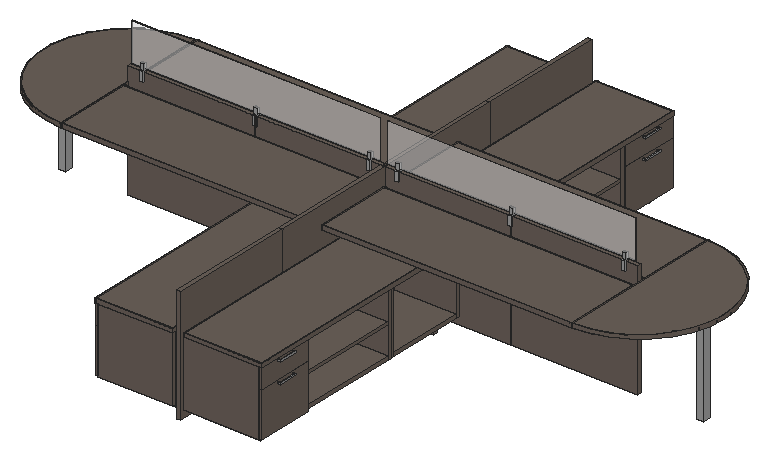
Revit family "STAKS002", category Furniture, Revit 2013
Reference planes (in)
  plane 1 "Center Front/Back": y = 0
  plane 2: z = 0
  plane 3 "Center Left/Right": x = 0
Dimensions and locks (in)
  aligned and locked: level to plane 2
  aligned and locked: nested 1 to nested 2
  aligned and locked: nested 3 to nested 1  (x2)
  aligned and locked: nested 8 to nested 10
  aligned and locked: nested 9 to nested 5
  aligned and locked: nested 13 to nested 14  (x2)
  aligned and locked: nested 15 to nested 14
  aligned and locked: nested 14 to nested 15
  aligned and locked: nested 15 to nested 8
  aligned and locked: nested 16 to nested 2
  aligned and locked: nested 2 to nested 6
  aligned and locked: nested 1 to nested 6
  aligned and locked: nested 20 to nested 21  (x2)
  aligned and locked: nested 22 to nested 21
  aligned and locked: nested 21 to nested 22
  aligned and locked: nested 22 to nested 19
  aligned and locked: nested 26 to nested 27  (x2)
  aligned and locked: nested 28 to nested 27
  aligned and locked: nested 27 to nested 28
  aligned and locked: nested 28 to nested 25
  aligned and locked: nested 32 to nested 33  (x2)
  aligned and locked: nested 34 to nested 33
  aligned and locked: nested 33 to nested 34
  aligned and locked: nested 34 to nested 31
Nested families (in)
  nested 1: "FIRST OFFICE-STAKS-WALL-SPINE-DIVIDER" at (1.12535, -18.5, 0) x (0, 1, 0) z (0, 0, 1), type "FIRST OFFICE-STAKS-WALL SPINE/DIVIDER 33 X 36"
  nested 2: "FIRST OFFICE-STAKS-WALL-SPINE-DIVIDER" at (1.12535, 18.5, 0) x (0, 1, 0) z (0, 0, 1), type "FIRST OFFICE-STAKS-WALL SPINE/DIVIDER 33 X 36"
  nested 3: "FIRST OFFICE-STAKS-WALL-SPINE-DIVIDER" at (1.12535, -54.5, 0) x (0, 1, 0) z (0, 0, 1), type "FIRST OFFICE-STAKS-WALL SPINE/DIVIDER 33 X 36"
  nested 4: "FIRST OFFICE-STAKS-WALL-SPINE-DIVIDER" at (-18, -1.12535, 0), type "FIRST OFFICE-STAKS-WALL SPINE/DIVIDER 33 X 36"
  nested 5: "FIRST OFFICE-STAKS-WALL-SPINE-DIVIDER" at (-54, -1.12535, 0), type "FIRST OFFICE-STAKS-WALL SPINE/DIVIDER 33 X 36"
  nested 6: "FIRST OFFICE-STAKS-WALL-SPINE-DIVIDER" at (18, -1.12535, 0), type "FIRST OFFICE-STAKS-WALL SPINE/DIVIDER 33 X 36"
  nested 7: "FIRST OFFICE-STAKS-WALL-SPINE-DIVIDER" at (54, -1.12535, 0), type "FIRST OFFICE-STAKS-WALL SPINE/DIVIDER 33 X 36"
  nested 8: "FIRST OFFICE-STAKS-WORKSURFACE-RECTANGULAR LONG-GRAIN" at (79.55498, -0.17177, 0) x (-1, 0, 0) z (0, 0, 1), type "FIRST OFFICE-STAKS-WORKSURFACE-RECTANGULAR LG 70.5 X 22"
  nested 9: "FIRST OFFICE-STAKS-WORKSURFACE-HALF RROUND" at (-70.16635, 37.55498, 0) x (0, -1, 0) z (0, 0, 1), type "FIRST OFFICE-STAKS-WORKSURFACE-HALF ROUND_SG 60 X 22"
  nested 10: "FIRST OFFICE-STAKS-WORKSURFACE-HALF RROUND" at (70.16635, -37.55498, 0) x (0, 1, 0) z (0, 0, 1), type "FIRST OFFICE-STAKS-WORKSURFACE-HALF ROUND_SG 60 X 22"
  nested 11: "FIRST OFFICE-STAKS-SUPPORT-SURFACE-SQUARE BASE" at (-72.5, -1.62535, 0), type "FIRST OFFICE-STAKS-SUPPORT-SURFACE-SQUARE BASE 2 X 2"
  nested 12: "FIRST OFFICE-STAKS-SUPPORT-SURFACE-SQUARE BASE" at (107.5, -1.62535, 0), type "FIRST OFFICE-STAKS-SUPPORT-SURFACE-SQUARE BASE 2 X 2"
  nested 13: "FIRST OFFICE-STAKS-PEDESTALS-LOW HEIGHT W-I BEAM-16W TO 36W" at (24.00035, -64.29504, 0) x (0, 1, 0) z (0, 0, 1), type "FIRST OFFICE-STAKS-LOW HEIGHT TF PED-W-I BEAM 16 X 22"
  nested 14: "FIRST OFFICE-STAKS-PEDESTALS-LOW HEIGHT W-I BEAM-16W TO 36W" at (24.00035, -40.98254, 0) x (0, 1, 0) z (0, 0, 1), type "FIRST OFFICE-STAKS-LOW HEIGHT OPEN SHELF PED-W-I BEAM 30 X 19"
  nested 15: "FIRST OFFICE-STAKS-PEDESTALS-LOW HEIGHT W-I BEAM-16W TO 36W" at (24.00035, -13.98254, 0) x (0, 1, 0) z (0, 0, 1), type "FIRST OFFICE-STAKS-LOW HEIGHT OPEN PED-W-I BEAM 24 X 19"
  nested 16: "FIRST OFFICE-STAKS-WALL-SPINE-DIVIDER" at (1.12535, 54.5, 0) x (0, 1, 0) z (0, 0, 1), type "FIRST OFFICE-STAKS-WALL SPINE/DIVIDER 33 X 36"
  nested 17: "FIRST OFFICE-STAKS-WORKSURFACE-RECTANGULAR LONG-GRAIN" at (-0.33365, -80.18541, -5.875) x (0, 1, 0) z (0, 0, 1), type "FIRST OFFICE-STAKS-WORKSURFACE-RECTANGULAR LG 70.5 X 22"
  nested 18: "FIRST OFFICE-STAKS-PEDESTAL W-I BEAM SUPPORT" at (5.62535, -37.47418, 0) x (0, 1, 0) z (0, 0, 1), type "FIRST OFFICE-STAKS-PEDESTAL I-BEAM 62 X 16"
  nested 19: "FIRST OFFICE-STAKS-WORKSURFACE-RECTANGULAR LONG-GRAIN" at (79.55498, 0.17177, 0) x (-1, 0, 0) z (0, 0, 1), type "FIRST OFFICE-STAKS-WORKSURFACE-RECTANGULAR LG 70.5 X 22"
  nested 20: "FIRST OFFICE-STAKS-PEDESTALS-LOW HEIGHT W-I BEAM-16W TO 36W" at (24.00035, 64.29504, 0) x (0, -1, 0) z (0, 0, 1), type "FIRST OFFICE-STAKS-LOW HEIGHT TF PED-W-I BEAM 16 X 22"
  nested 21: "FIRST OFFICE-STAKS-PEDESTALS-LOW HEIGHT W-I BEAM-16W TO 36W" at (24.00035, 40.98254, 0) x (0, -1, 0) z (0, 0, 1), type "FIRST OFFICE-STAKS-LOW HEIGHT OPEN SHELF PED-W-I BEAM 30 X 19"
  nested 22: "FIRST OFFICE-STAKS-PEDESTALS-LOW HEIGHT W-I BEAM-16W TO 36W" at (24.00035, 13.98254, 0) x (0, -1, 0) z (0, 0, 1), type "FIRST OFFICE-STAKS-LOW HEIGHT OPEN PED-W-I BEAM 24 X 19"
  nested 23: "FIRST OFFICE-STAKS-WORKSURFACE-RECTANGULAR LONG-GRAIN" at (-0.33365, 80.18541, -5.875) x (0, -1, 0) z (0, 0, 1), type "FIRST OFFICE-STAKS-WORKSURFACE-RECTANGULAR LG 70.5 X 22"
  nested 24: "FIRST OFFICE-STAKS-PEDESTAL W-I BEAM SUPPORT" at (5.62535, 37.47418, 0) x (0, -1, 0) z (0, 0, 1), type "FIRST OFFICE-STAKS-PEDESTAL I-BEAM 62 X 16"
  nested 25: "FIRST OFFICE-STAKS-WORKSURFACE-RECTANGULAR LONG-GRAIN" at (-79.55498, -0.17177, 0), type "FIRST OFFICE-STAKS-WORKSURFACE-RECTANGULAR LG 70.5 X 22"
  nested 26: "FIRST OFFICE-STAKS-PEDESTALS-LOW HEIGHT W-I BEAM-16W TO 36W" at (-24.00035, -64.29504, 0) x (0, 1, 0) z (0, 0, 1), type "FIRST OFFICE-STAKS-LOW HEIGHT TF PED-W-I BEAM 16 X 22"
  nested 27: "FIRST OFFICE-STAKS-PEDESTALS-LOW HEIGHT W-I BEAM-16W TO 36W" at (-24.00035, -40.98254, 0) x (0, 1, 0) z (0, 0, 1), type "FIRST OFFICE-STAKS-LOW HEIGHT OPEN SHELF PED-W-I BEAM 30 X 19"
  nested 28: "FIRST OFFICE-STAKS-PEDESTALS-LOW HEIGHT W-I BEAM-16W TO 36W" at (-24.00035, -13.98254, 0) x (0, 1, 0) z (0, 0, 1), type "FIRST OFFICE-STAKS-LOW HEIGHT OPEN PED-W-I BEAM 24 X 19"
  nested 29: "FIRST OFFICE-STAKS-WORKSURFACE-RECTANGULAR LONG-GRAIN" at (0.33365, -80.18541, -5.875) x (0, 1, 0) z (0, 0, 1), type "FIRST OFFICE-STAKS-WORKSURFACE-RECTANGULAR LG 70.5 X 22"
  nested 30: "FIRST OFFICE-STAKS-PEDESTAL W-I BEAM SUPPORT" at (-5.62535, -37.47418, 0) x (0, 1, 0) z (0, 0, 1), type "FIRST OFFICE-STAKS-PEDESTAL I-BEAM 62 X 16"
  nested 31: "FIRST OFFICE-STAKS-WORKSURFACE-RECTANGULAR LONG-GRAIN" at (-79.55498, 0.17177, 0), type "FIRST OFFICE-STAKS-WORKSURFACE-RECTANGULAR LG 70.5 X 22"
  nested 32: "FIRST OFFICE-STAKS-PEDESTALS-LOW HEIGHT W-I BEAM-16W TO 36W" at (-24.00035, 64.29504, 0) x (0, -1, 0) z (0, 0, 1), type "FIRST OFFICE-STAKS-LOW HEIGHT TF PED-W-I BEAM 16 X 22"
  nested 33: "FIRST OFFICE-STAKS-PEDESTALS-LOW HEIGHT W-I BEAM-16W TO 36W" at (-24.00035, 40.98254, 0) x (0, -1, 0) z (0, 0, 1), type "FIRST OFFICE-STAKS-LOW HEIGHT OPEN SHELF PED-W-I BEAM 30 X 19"
  nested 34: "FIRST OFFICE-STAKS-PEDESTALS-LOW HEIGHT W-I BEAM-16W TO 36W" at (-24.00035, 13.98254, 0) x (0, -1, 0) z (0, 0, 1), type "FIRST OFFICE-STAKS-LOW HEIGHT OPEN PED-W-I BEAM 24 X 19"
  nested 35: "FIRST OFFICE-STAKS-WORKSURFACE-RECTANGULAR LONG-GRAIN" at (0.33365, 80.18541, -5.875) x (0, -1, 0) z (0, 0, 1), type "FIRST OFFICE-STAKS-WORKSURFACE-RECTANGULAR LG 70.5 X 22"
  nested 36: "FIRST OFFICE-STAKS-PEDESTAL W-I BEAM SUPPORT" at (-5.62535, 37.47418, 0) x (0, -1, 0) z (0, 0, 1), type "FIRST OFFICE-STAKS-PEDESTAL I-BEAM 62 X 16"
  nested 37: "FIRST OFFICE-STAKS-BRACKETS-SADDLE_PRESS FIT" at (-36, 0, -9), type "FIRST OFFICE-STAKS- BRACKETS-SADDLE-PVPBKT-2"
  nested 38: "FIRST OFFICE-STAKS-BRACKETS-SADDLE_PRESS FIT" at (-4, 0, -9), type "FIRST OFFICE-STAKS- BRACKETS-SADDLE-PVPBKT-2"
  nested 39: "FIRST OFFICE-STAKS-BRACKETS-SADDLE_PRESS FIT" at (-68, 0, -9), type "FIRST OFFICE-STAKS- BRACKETS-SADDLE-PVPBKT-2"
  nested 40: "FIRST OFFICE-STAKS-WALL-PRIVACY PANELS" at (-36, -1.62535, -12), type "FIRST OFFICE-STAKS-PRIVACY PANEL FROSTED ACR 70 X 11"
  nested 41: "FIRST OFFICE-STAKS-BRACKETS-SADDLE_PRESS FIT" at (36, 0, -9) x (-1, 0, 0) z (0, 0, 1), type "FIRST OFFICE-STAKS- BRACKETS-SADDLE-PVPBKT-2"
  nested 42: "FIRST OFFICE-STAKS-BRACKETS-SADDLE_PRESS FIT" at (4, 0, -9) x (-1, 0, 0) z (0, 0, 1), type "FIRST OFFICE-STAKS- BRACKETS-SADDLE-PVPBKT-2"
  nested 43: "FIRST OFFICE-STAKS-BRACKETS-SADDLE_PRESS FIT" at (68, 0, -9) x (-1, 0, 0) z (0, 0, 1), type "FIRST OFFICE-STAKS- BRACKETS-SADDLE-PVPBKT-2"
  nested 44: "FIRST OFFICE-STAKS-WALL-PRIVACY PANELS" at (36, -1.62535, -12) x (-1, 0, 0) z (0, 0, 1), type "FIRST OFFICE-STAKS-PRIVACY PANEL FROSTED ACR 70 X 11"
  nested 45: "FIRST OFFICE-STAKS-SUPPORT-SURFACE-RISER PANELS" at (19.37465, -28, 0) x (0, -1, 0) z (0, 0, 1), type "FIRST OFFICE-STAKS-SUPPORT-SURFACE-RISER-T SHAPE 18 X 9.5"
  nested 46: "FIRST OFFICE-STAKS-SUPPORT-SURFACE-RISER PANELS" at (19.37465, 28, 0) x (0, 1, 0) z (0, 0, 1), type "FIRST OFFICE-STAKS-SUPPORT-SURFACE-RISER-T SHAPE 18 X 9.5"
  nested 47: "FIRST OFFICE-STAKS-SUPPORT-SURFACE-RISER PANELS" at (-19.37465, -28, 0) x (0, -1, 0) z (0, 0, 1), type "FIRST OFFICE-STAKS-SUPPORT-SURFACE-RISER-T SHAPE 18 X 9.5"
  nested 48: "FIRST OFFICE-STAKS-SUPPORT-SURFACE-RISER PANELS" at (-19.37465, 28, 0) x (0, 1, 0) z (0, 0, 1), type "FIRST OFFICE-STAKS-SUPPORT-SURFACE-RISER-T SHAPE 18 X 9.5"
Definition of nested family "FIRST OFFICE-STAKS-WALL-SPINE-DIVIDER"
  Parameters (values of type "FIRST OFFICE-STAKS-WALL SPINE/DIVIDER 33 X 24")
    URL = "http://www.firstoffice.com/products/crossover/staks/"
    Model = "6-pan-33/24"
    Manufacturer = "FIRST OFFICE-STAKS"
    MANUFACTURERS' CODE = "FOF"
    ENVIRONMENTAL = "http://www.firstoffice.com/products/crossover/staks/"
    Description = "33 X 24 SPINE OR DIVIDER WALL"
    Wall Width = 2' - 0"
    Wall Height = 2' - 8 1/2"
    CATALOG CODE = "FST"
    Assembly Code = ""
  Types (54): name | Model | Description | Wall Width | Wall Height
    FIRST OFFICE-STAKS-WALL SPINE/DIVIDER 33 X 24 | "6-pan-33/24" | "33 X 24 SPINE OR DIVIDER WALL" | 2' - 0" | 2' - 8 1/2"
    FIRST OFFICE-STAKS-WALL SPINE/DIVIDER 33 X 26 | "6-pan-33/26" | "33 X 26 SPINE OR DIVIDER WALL" | 2' - 2" | 2' - 8 1/2"
    FIRST OFFICE-STAKS-WALL SPINE/DIVIDER 33 X 30 | "6-pan-33/30" | "33 X 30 SPINE OR DIVIDER WALL" | 2' - 6" | 2' - 8 1/2"
    FIRST OFFICE-STAKS-WALL SPINE/DIVIDER 33 X 33 | "6-pan-33/33" | "33 X 33 SPINE OR DIVIDER WALL" | 2' - 9" | 2' - 8 1/2"
    FIRST OFFICE-STAKS-WALL SPINE/DIVIDER 33 X 36 | "6-pan-33/36" | "33 X 36 SPINE OR DIVIDER WALL" | 3' - 0" | 2' - 8 1/2"
    FIRST OFFICE-STAKS-WALL SPINE/DIVIDER 33 X 37 | "6-pan-33/37" | "33 X 37 SPINE OR DIVIDER WALL" | 3' - 1" | 2' - 8 1/2"
    FIRST OFFICE-STAKS-WALL SPINE/DIVIDER 33 X 40 | "6-pan-33/40" | "33 X 40 SPINE OR DIVIDER WALL" | 3' - 4" | 2' - 8 1/2"
    FIRST OFFICE-STAKS-WALL SPINE/DIVIDER 33 X 42 | "6-pan-33/42" | "33 X 42 SPINE OR DIVIDER WALL" | 3' - 6" | 2' - 8 1/2"
    FIRST OFFICE-STAKS-WALL SPINE/DIVIDER 33 X 44 | "6-pan-33/44" | "33 X 44 SPINE OR DIVIDER WALL" | 3' - 8" | 2' - 8 1/2"
    FIRST OFFICE-STAKS-WALL SPINE/DIVIDER 33 X 45 | "6-pan-33/45" | "33 X 45 SPINE OR DIVIDER WALL" | 3' - 9" | 2' - 8 1/2"
    FIRST OFFICE-STAKS-WALL SPINE/DIVIDER 33 X 47 | "6-pan-33/47" | "33 X 47 SPINE OR DIVIDER WALL" | 3' - 11" | 2' - 8 1/2"
    FIRST OFFICE-STAKS-WALL SPINE/DIVIDER 33 X 48 | "6-pan-33/48" | "33 X 48 SPINE OR DIVIDER WALL" | 4' - 0" | 2' - 8 1/2"
    FIRST OFFICE-STAKS-WALL SPINE/DIVIDER 33 X 49 | "6-pan-33/49" | "33 X 49 SPINE OR DIVIDER WALL" | 4' - 1" | 2' - 8 1/2"
    FIRST OFFICE-STAKS-WALL SPINE/DIVIDER 33 X 52 | "6-pan-33/52" | "33 X 52 SPINE OR DIVIDER WALL" | 4' - 4" | 2' - 8 1/2"
    FIRST OFFICE-STAKS-WALL SPINE/DIVIDER 33 X 54 | "6-pan-33/54" | "33 X 54 SPINE OR DIVIDER WALL" | 4' - 6" | 2' - 8 1/2"
    FIRST OFFICE-STAKS-WALL SPINE/DIVIDER 33 X 56 | "6-pan-33/56" | "33 X 56 SPINE OR DIVIDER WALL" | 4' - 8" | 2' - 8 1/2"
    FIRST OFFICE-STAKS-WALL SPINE/DIVIDER 33 X 58 | "6-pan-33/58" | "33 X 58 SPINE OR DIVIDER WALL" | 4' - 10" | 2' - 8 1/2"
    FIRST OFFICE-STAKS-WALL SPINE/DIVIDER 33 X 59 | "6-pan-33/59" | "33 X 59 SPINE OR DIVIDER WALL" | 4' - 11" | 2' - 8 1/2"
    FIRST OFFICE-STAKS-WALL SPINE/DIVIDER 42 X 24 | "6-pan-42/24" | "42 X 24 SPINE OR DIVIDER WALL" | 2' - 0" | 3' - 5 1/2"
    FIRST OFFICE-STAKS-WALL SPINE/DIVIDER 42 X 26 | "6-pan-42/26" | "42 X 26 SPINE OR DIVIDER WALL" | 2' - 2" | 3' - 5 1/2"
    FIRST OFFICE-STAKS-WALL SPINE/DIVIDER 42 X 30 | "6-pan-42/30" | "42 X 30 SPINE OR DIVIDER WALL" | 2' - 6" | 3' - 5 1/2"
    FIRST OFFICE-STAKS-WALL SPINE/DIVIDER 42 X 33 | "6-pan-42/33" | "42 X 33 SPINE OR DIVIDER WALL" | 2' - 9" | 3' - 5 1/2"
    FIRST OFFICE-STAKS-WALL SPINE/DIVIDER 42 X 36 | "6-pan-42/36" | "42 X 36 SPINE OR DIVIDER WALL" | 3' - 0" | 3' - 5 1/2"
    FIRST OFFICE-STAKS-WALL SPINE/DIVIDER 42 X 37 | "6-pan-42/37" | "42 X 37 SPINE OR DIVIDER WALL" | 3' - 1" | 3' - 5 1/2"
    FIRST OFFICE-STAKS-WALL SPINE/DIVIDER 42 X 40 | "6-pan-42/40" | "42 X 40 SPINE OR DIVIDER WALL" | 3' - 4" | 3' - 5 1/2"
    FIRST OFFICE-STAKS-WALL SPINE/DIVIDER 42 X 42 | "6-pan-42/42" | "42 X 42 SPINE OR DIVIDER WALL" | 3' - 6" | 3' - 5 1/2"
    FIRST OFFICE-STAKS-WALL SPINE/DIVIDER 42 X 44 | "6-pan-42/44" | "42 X 44 SPINE OR DIVIDER WALL" | 3' - 8" | 3' - 5 1/2"
    FIRST OFFICE-STAKS-WALL SPINE/DIVIDER 42 X 45 | "6-pan-42/45" | "42 X 45 SPINE OR DIVIDER WALL" | 3' - 9" | 3' - 5 1/2"
    FIRST OFFICE-STAKS-WALL SPINE/DIVIDER 42 X 47 | "6-pan-42/47" | "42 X 47 SPINE OR DIVIDER WALL" | 3' - 11" | 3' - 5 1/2"
    FIRST OFFICE-STAKS-WALL SPINE/DIVIDER 42 X 48 | "6-pan-42/48" | "42 X 48 SPINE OR DIVIDER WALL" | 4' - 0" | 3' - 5 1/2"
    FIRST OFFICE-STAKS-WALL SPINE/DIVIDER 42 X 49 | "6-pan-42/49" | "42 X 49 SPINE OR DIVIDER WALL" | 4' - 1" | 3' - 5 1/2"
    FIRST OFFICE-STAKS-WALL SPINE/DIVIDER 42 X 52 | "6-pan-42/52" | "42 X 52 SPINE OR DIVIDER WALL" | 4' - 4" | 3' - 5 1/2"
    FIRST OFFICE-STAKS-WALL SPINE/DIVIDER 42 X 54 | "6-pan-42/54" | "42 X 54 SPINE OR DIVIDER WALL" | 4' - 6" | 3' - 5 1/2"
    FIRST OFFICE-STAKS-WALL SPINE/DIVIDER 42 X 56 | "6-pan-42/56" | "42 X 56 SPINE OR DIVIDER WALL" | 4' - 8" | 3' - 5 1/2"
    FIRST OFFICE-STAKS-WALL SPINE/DIVIDER 42 X 58 | "6-pan-42/58" | "42 X 58 SPINE OR DIVIDER WALL" | 4' - 10" | 3' - 5 1/2"
    FIRST OFFICE-STAKS-WALL SPINE/DIVIDER 42 X 59 | "6-pan-42/59" | "42 X 59 SPINE OR DIVIDER WALL" | 4' - 11" | 3' - 5 1/2"
    FIRST OFFICE-STAKS-WALL SPINE/DIVIDER 48 X 24 | "6-pan-48/24" | "48 X 24 SPINE OR DIVIDER WALL" | 2' - 0" | 3' - 11 1/2"
    FIRST OFFICE-STAKS-WALL SPINE/DIVIDER 48 X 26 | "6-pan-48/26" | "48 X 26 SPINE OR DIVIDER WALL" | 2' - 2" | 3' - 11 1/2"
    FIRST OFFICE-STAKS-WALL SPINE/DIVIDER 48 X 30 | "6-pan-48/30" | "48 X 30 SPINE OR DIVIDER WALL" | 2' - 6" | 3' - 11 1/2"
    FIRST OFFICE-STAKS-WALL SPINE/DIVIDER 48 X 33 | "6-pan-48/33" | "48 X 33 SPINE OR DIVIDER WALL" | 2' - 9" | 3' - 11 1/2"
    FIRST OFFICE-STAKS-WALL SPINE/DIVIDER 48 X 36 | "6-pan-48/36" | "48 X 36 SPINE OR DIVIDER WALL" | 3' - 0" | 3' - 11 1/2"
    FIRST OFFICE-STAKS-WALL SPINE/DIVIDER 48 X 37 | "6-pan-48/37" | "48 X 37 SPINE OR DIVIDER WALL" | 3' - 1" | 3' - 11 1/2"
    FIRST OFFICE-STAKS-WALL SPINE/DIVIDER 48 X 40 | "6-pan-48/40" | "48 X 40 SPINE OR DIVIDER WALL" | 3' - 4" | 3' - 11 1/2"
    FIRST OFFICE-STAKS-WALL SPINE/DIVIDER 48 X 42 | "6-pan-48/42" | "48 X 42 SPINE OR DIVIDER WALL" | 3' - 6" | 3' - 11 1/2"
    FIRST OFFICE-STAKS-WALL SPINE/DIVIDER 48 X 44 | "6-pan-48/44" | "48 X 44 SPINE OR DIVIDER WALL" | 3' - 8" | 3' - 11 1/2"
    FIRST OFFICE-STAKS-WALL SPINE/DIVIDER 48 X 45 | "6-pan-48/45" | "48 X 45 SPINE OR DIVIDER WALL" | 3' - 9" | 3' - 11 1/2"
    FIRST OFFICE-STAKS-WALL SPINE/DIVIDER 48 X 47 | "6-pan-48/47" | "48 X 47 SPINE OR DIVIDER WALL" | 3' - 11" | 3' - 11 1/2"
    FIRST OFFICE-STAKS-WALL SPINE/DIVIDER 48 X 48 | "6-pan-48/48" | "48 X 48 SPINE OR DIVIDER WALL" | 4' - 0" | 3' - 11 1/2"
    FIRST OFFICE-STAKS-WALL SPINE/DIVIDER 48 X 49 | "6-pan-48/49" | "48 X 49 SPINE OR DIVIDER WALL" | 4' - 1" | 3' - 11 1/2"
    FIRST OFFICE-STAKS-WALL SPINE/DIVIDER 48 X 52 | "6-pan-48/52" | "48 X 52 SPINE OR DIVIDER WALL" | 4' - 4" | 3' - 11 1/2"
    FIRST OFFICE-STAKS-WALL SPINE/DIVIDER 48 X 54 | "6-pan-48/54" | "48 X 54 SPINE OR DIVIDER WALL" | 4' - 6" | 3' - 11 1/2"
    FIRST OFFICE-STAKS-WALL SPINE/DIVIDER 48 X 56 | "6-pan-48/56" | "48 X 56 SPINE OR DIVIDER WALL" | 4' - 8" | 3' - 11 1/2"
    FIRST OFFICE-STAKS-WALL SPINE/DIVIDER 48 X 58 | "6-pan-48/58" | "48 X 58 SPINE OR DIVIDER WALL" | 4' - 10" | 3' - 11 1/2"
    FIRST OFFICE-STAKS-WALL SPINE/DIVIDER 48 X 59 | "6-pan-48/59" | "48 X 59 SPINE OR DIVIDER WALL" | 4' - 11" | 3' - 11 1/2"
  Reference planes (in)
    plane 1: z = 0
    plane 2 "Center Left/Right": x = 0
    plane 3 "Left": x = -12
    plane 4 "Right": x = 12
    plane 5 "Back": y = 1.62535
    plane 6 "WALL Top": z = 32.5
    plane 7: y = 0.62535
  Forms (in)
    Extrusion 1, solid, material "STAKS WALL"
      sketch origin (0, 5, -0.18015) x (0, 1, 0) y (0, 0, 1)
        loop
          line (-4.37465, 32.68015) -> (-4.37465, 0.18015) -> (-3.37465, 0.18015) -> (-3.37465, 32.68015) -> (-4.37465, 32.68015)
      from -12 to 12
  Lines and regions (in)
    Masking region 1
      outline origin (0, 0, 0) x (1, 0, 0) y (0, 1, 0)
        loop
          line (-12, 1.62535) -> (-12, 0.62535) -> (12, 0.62535) -> (12, 1.62535) -> (-12, 1.62535)
  Dimensions and locks (in)
    "Wall Width": plane 3 "Left" to plane 4 "Right"
    equal spacing: plane 3 "Left", plane 2 "Center Left/Right", plane 4 "Right"
    "Wall Height": plane 6 "WALL Top" to plane 1
    locked: plane 7 to plane 5 "Back" at 1
    aligned and locked: Extrusion 1 to plane 3 "Left"
    aligned and locked: plane 4 "Right" to Extrusion 1
    aligned: Extrusion 1 to plane 1
    aligned and locked: level to plane 1
    aligned: Extrusion 1 to plane 6 "WALL Top"
    aligned: Extrusion 1 sketch curve to plane 1
    aligned and locked: Extrusion 1 to Masking region 1 sketch curve
    aligned and locked: Masking region 1 sketch curve to plane 3 "Left"
    aligned and locked: plane 4 "Right" to Masking region 1 sketch curve
    aligned and locked: Extrusion 1 to plane 5 "Back"
    aligned and locked: Extrusion 1 sketch curve to plane 1
    aligned and locked: plane 6 "WALL Top" to Extrusion 1 sketch curve
    aligned and locked: plane 7 to Extrusion 1
    aligned and locked: plane 7 to Masking region 1
  Automatic sketch dimensions
    Masking region 1 sketch curve to Masking region 1 sketch curve = 0' - 1"
    Extrusion 1 sketch curve to plane 5 "Back" = 0' - 0"
    Extrusion 1 sketch curve to Extrusion 1 sketch curve = 0' - 1"
Definition of nested family "FIRST OFFICE-STAKS-WORKSURFACE-RECTANGULAR LONG-GRAIN"
  Parameters (values of type "FIRST OFFICE-STAKS-WORKSURFACE-RECTANGULAR LG 15.625 X 22")
    URL = "http://www.firstoffice.com/products/crossover/staks/"
    SURFACE DEPTH = 1' - 10"
    Model = "6-MCT-15.625/22"
    Manufacturer = "FIRST OFFICE-STAKS"
    MANUFACTURERS' CODE = "FOF"
    ENVIRONMENTAL = "http://www.firstoffice.com/products/crossover/staks/"
    Description = "15.625 X 22 RECTANGULAR WORKSURFACE LONG GRAIN"
    SURFACE WIDTH = 1' - 3 5/8"
    CATALOG CODE = "FST"
    Assembly Code = ""
  Types (53): name | SURFACE DEPTH | Model | Description | SURFACE WIDTH
    FIRST OFFICE-STAKS-WORKSURFACE-RECTANGULAR LG 15.625 X 22 | 1' - 10" | "6-MCT-15.625/22" | "15.625 X 22 RECTANGULAR WORKSURFACE LONG GRAIN" | 1' - 3 5/8"
    FIRST OFFICE-STAKS-WORKSURFACE-RECTANGULAR LG 24 X 22 | 1' - 10" | "6-MCT-24/22" | "24 X 22 RECTANGULAR WORKSURFACE LONG GRAIN" | 2' - 0"
    FIRST OFFICE-STAKS-WORKSURFACE-RECTANGULAR LG 30 X 22 | 1' - 10" | "6-MCT-30/22" | "30 X 22 RECTANGULAR WORKSURFACE LONG GRAIN" | 2' - 6"
    FIRST OFFICE-STAKS-WORKSURFACE-RECTANGULAR LG 34 X 22 | 1' - 10" | "6-MCT-34/22" | "34 X 22 RECTANGULAR WORKSURFACE LONG GRAIN" | 2' - 10"
    FIRST OFFICE-STAKS-WORKSURFACE-RECTANGULAR LG 36 X 22 | 1' - 10" | "6-MCT-36/22" | "36 X 22 RECTANGULAR WORKSURFACE LONG GRAIN" | 3' - 0"
    FIRST OFFICE-STAKS-WORKSURFACE-RECTANGULAR LG 42 X 22 | 1' - 10" | "6-MCT-42/22" | "42 X 22 RECTANGULAR WORKSURFACE LONG GRAIN" | 3' - 6"
    FIRST OFFICE-STAKS-WORKSURFACE-RECTANGULAR LG 48 X 22 | 1' - 10" | "6-MCT-48/22" | "48 X 22 RECTANGULAR WORKSURFACE LONG GRAIN" | 4' - 0"
    FIRST OFFICE-STAKS-WORKSURFACE-RECTANGULAR LG 48.5 X 22 | 1' - 10" | "6-MCT-48.5/22" | "48.5 X 22 RECTANGULAR WORKSURFACE LONG GRAIN" | 4' - 0 1/2"
    FIRST OFFICE-STAKS-WORKSURFACE-RECTANGULAR LG 54 X 22 | 1' - 10" | "6-MCT-54/22" | "54 X 22 RECTANGULAR WORKSURFACE LONG GRAIN" | 4' - 6"
    FIRST OFFICE-STAKS-WORKSURFACE-RECTANGULAR LG 55.5 X 22 | 1' - 10" | "6-MCT-55.5/22" | "55.5 X 22 RECTANGULAR WORKSURFACE LONG GRAIN" | 4' - 7 1/2"
    FIRST OFFICE-STAKS-WORKSURFACE-RECTANGULAR LG 59 X 22 | 1' - 10" | "6-MCT-59/22" | "59 X 22 RECTANGULAR WORKSURFACE LONG GRAIN" | 4' - 11"
    FIRST OFFICE-STAKS-WORKSURFACE-RECTANGULAR LG 60 X 22 | 1' - 10" | "6-MCT-60/22" | "60 X 22 RECTANGULAR WORKSURFACE LONG GRAIN" | 5' - 0"
    FIRST OFFICE-STAKS-WORKSURFACE-RECTANGULAR LG 66 X 22 | 1' - 10" | "6-MCT-66/22" | "66 X 22 RECTANGULAR WORKSURFACE LONG GRAIN" | 5' - 6"
    FIRST OFFICE-STAKS-WORKSURFACE-RECTANGULAR LG 69.625 X 22 | 1' - 10" | "6-MCT-69.625/22" | "69.625 X 22 RECTANGULAR WORKSURFACE LONG GRAIN" | 5' - 9 5/8"
    FIRST OFFICE-STAKS-WORKSURFACE-RECTANGULAR LG 70.5 X 22 | 1' - 10" | "6-MCT-70.5/22" | "70.5 X 22 RECTANGULAR WORKSURFACE LONG GRAIN" | 5' - 10 1/2"
    FIRST OFFICE-STAKS-WORKSURFACE-RECTANGULAR LG 72 X 22 | 1' - 10" | "6-MCT-72/22" | "72 X 22 RECTANGULAR WORKSURFACE LONG GRAIN" | 6' - 0"
    FIRST OFFICE-STAKS-WORKSURFACE-RECTANGULAR LG 78 X 22 | 1' - 10" | "6-MCT-78/22" | "78 X 22 RECTANGULAR WORKSURFACE LONG GRAIN" | 6' - 6"
    FIRST OFFICE-STAKS-WORKSURFACE-RECTANGULAR LG 82.5 X 22 | 1' - 10" | "6-MCT-82.5/22" | "82.5 X 22 RECTANGULAR WORKSURFACE LONG GRAIN" | 6' - 10 1/2"
    FIRST OFFICE-STAKS-WORKSURFACE-RECTANGULAR LG 84 X 22 | 1' - 10" | "6-MCT-84/22" | "84 X 22 RECTANGULAR WORKSURFACE LONG GRAIN" | 7' - 0"
    FIRST OFFICE-STAKS-WORKSURFACE-RECTANGULAR LG 87.625 X 22 | 1' - 10" | "6-MCT-87.625/22" | "87.625 X 22 RECTANGULAR WORKSURFACE LONG GRAIN" | 7' - 3 5/8"
    FIRST OFFICE-STAKS-WORKSURFACE-RECTANGULAR LG 90 X 22 | 1' - 10" | "6-MCT-90/22" | "90 X 22 RECTANGULAR WORKSURFACE LONG GRAIN" | 7' - 6"
    FIRST OFFICE-STAKS-WORKSURFACE-RECTANGULAR LG 94 X 22 | 1' - 10" | "6-MCT-94/22" | "94 X 22 RECTANGULAR WORKSURFACE LONG GRAIN" | 7' - 10"
    FIRST OFFICE-STAKS-WORKSURFACE-RECTANGULAR LG 96 X 22 | 1' - 10" | "6-MCT-96/22" | "96 X 22 RECTANGULAR WORKSURFACE LONG GRAIN" | 8' - 0"
    FIRST OFFICE-STAKS-WORKSURFACE-RECTANGULAR LG 24 X 14 | 1' - 2" | "6-MCT-24/14" | "24 X 14 RECTANGULAR WORKSURFACE LONG GRAIN" | 2' - 0"
    FIRST OFFICE-STAKS-WORKSURFACE-RECTANGULAR LG 30 X 14 | 1' - 2" | "6-MCT-30/14" | "30 X 14 RECTANGULAR WORKSURFACE LONG GRAIN" | 2' - 6"
    FIRST OFFICE-STAKS-WORKSURFACE-RECTANGULAR LG 34 X 14 | 1' - 2" | "6-MCT-34/14" | "34 X 14 RECTANGULAR WORKSURFACE LONG GRAIN" | 2' - 10"
    FIRST OFFICE-STAKS-WORKSURFACE-RECTANGULAR LG 36 X 14 | 1' - 2" | "6-MCT-36/14" | "36 X 14 RECTANGULAR WORKSURFACE LONG GRAIN" | 3' - 0"
    FIRST OFFICE-STAKS-WORKSURFACE-RECTANGULAR LG 42 X 14 | 1' - 2" | "6-MCT-42/14" | "42 X 14 RECTANGULAR WORKSURFACE LONG GRAIN" | 3' - 6"
    FIRST OFFICE-STAKS-WORKSURFACE-RECTANGULAR LG 48 X 14 | 1' - 2" | "6-MCT-48/14" | "48 X 14 RECTANGULAR WORKSURFACE LONG GRAIN" | 4' - 0"
    FIRST OFFICE-STAKS-WORKSURFACE-RECTANGULAR LG 48.5 X 14 | 1' - 2" | "6-MCT-48.5/14" | "48.5 X 14 RECTANGULAR WORKSURFACE LONG GRAIN" | 4' - 0 1/2"
    FIRST OFFICE-STAKS-WORKSURFACE-RECTANGULAR LG 54 X 14 | 1' - 2" | "6-MCT-54/14" | "54 X 14 RECTANGULAR WORKSURFACE LONG GRAIN" | 4' - 6"
    FIRST OFFICE-STAKS-WORKSURFACE-RECTANGULAR LG 55.5 X 14 | 1' - 2" | "6-MCT-55.5/14" | "55.5 X 14 RECTANGULAR WORKSURFACE LONG GRAIN" | 4' - 7 1/2"
    FIRST OFFICE-STAKS-WORKSURFACE-RECTANGULAR LG 59 X 14 | 1' - 2" | "6-MCT-59/14" | "59 X 14 RECTANGULAR WORKSURFACE LONG GRAIN" | 4' - 11"
    FIRST OFFICE-STAKS-WORKSURFACE-RECTANGULAR LG 60 X 14 | 1' - 2" | "6-MCT-60/14" | "60 X 14 RECTANGULAR WORKSURFACE LONG GRAIN" | 5' - 0"
    FIRST OFFICE-STAKS-WORKSURFACE-RECTANGULAR LG 66 X 4 | 1' - 2" | "6-MCT-66/14" | "66 X 14 RECTANGULAR WORKSURFACE LONG GRAIN" | 5' - 6"
    FIRST OFFICE-STAKS-WORKSURFACE-RECTANGULAR LG 69.625 X 14 | 1' - 2" | "6-MCT-69.625/14" | "69.625 X 14 RECTANGULAR WORKSURFACE LONG GRAIN" | 5' - 9 5/8"
    FIRST OFFICE-STAKS-WORKSURFACE-RECTANGULAR LG 70.5 X 14 | 1' - 2" | "6-MCT-70.5/14" | "70.5 X 14 RECTANGULAR WORKSURFACE LONG GRAIN" | 5' - 10 1/2"
    FIRST OFFICE-STAKS-WORKSURFACE-RECTANGULAR LG 72 X 14 | 1' - 2" | "6-MCT-72/14" | "72 X 14 RECTANGULAR WORKSURFACE LONG GRAIN" | 6' - 0"
    FIRST OFFICE-STAKS-WORKSURFACE-RECTANGULAR LG 78 X 14 | 1' - 2" | "6-MCT-78/14" | "78 X 14 RECTANGULAR WORKSURFACE LONG GRAIN" | 6' - 6"
    FIRST OFFICE-STAKS-WORKSURFACE-RECTANGULAR LG 80 X 14 | 1' - 2" | "6-MCT-80/14" | "80 X 14 RECTANGULAR WORKSURFACE LONG GRAIN" | 6' - 8"
    FIRST OFFICE-STAKS-WORKSURFACE-RECTANGULAR LG 82.5 X 14 | 1' - 2" | "6-MCT-82.5/14" | "82.5 X 14 RECTANGULAR WORKSURFACE LONG GRAIN" | 6' - 10 1/2"
    FIRST OFFICE-STAKS-WORKSURFACE-RECTANGULAR LG 84 X 14 | 1' - 2" | "6-MCT-84/14" | "84 X 14 RECTANGULAR WORKSURFACE LONG GRAIN" | 7' - 0"
    FIRST OFFICE-STAKS-WORKSURFACE-RECTANGULAR LG 87.625 X 14 | 1' - 2" | "6-MCT-87.625/14" | "87.625 X 14 RECTANGULAR WORKSURFACE LONG GRAIN" | 7' - 3 5/8"
    FIRST OFFICE-STAKS-WORKSURFACE-RECTANGULAR LG 90 X 14 | 1' - 2" | "6-MCT-90/14" | "90 X 14 RECTANGULAR WORKSURFACE LONG GRAIN" | 7' - 6"
    FIRST OFFICE-STAKS-WORKSURFACE-RECTANGULAR LG 94 X 14 | 1' - 2" | "6-MCT-94/14" | "94 X 14 RECTANGULAR WORKSURFACE LONG GRAIN" | 7' - 10"
    FIRST OFFICE-STAKS-WORKSURFACE-RECTANGULAR LG 96 X 14 | 1' - 2" | "6-MCT-96/14" | "96 X 14 RECTANGULAR WORKSURFACE LONG GRAIN" | 8' - 0"
    FIRST OFFICE-STAKS-WORKSURFACE-RECTANGULAR LG 60 X 36 | 3' - 0" | "6-MCT-60/36" | "60 X 36 RECTANGULAR WORKSURFACE LONG GRAIN" | 5' - 0"
    FIRST OFFICE-STAKS-WORKSURFACE-RECTANGULAR LG 66 X 36 | 3' - 0" | "6-MCT-66/36" | "66 X 36 RECTANGULAR WORKSURFACE LONG GRAIN" | 5' - 6"
    FIRST OFFICE-STAKS-WORKSURFACE-RECTANGULAR LG 72 X 36 | 3' - 0" | "6-MCT-72/36" | "72 X 36 RECTANGULAR WORKSURFACE LONG GRAIN" | 6' - 0"
    FIRST OFFICE-STAKS-WORKSURFACE-RECTANGULAR LG 54 X 30 | 2' - 6" | "6-MCT-54/30" | "54 X 30 RECTANGULAR WORKSURFACE LONG GRAIN" | 4' - 6"
    FIRST OFFICE-STAKS-WORKSURFACE-RECTANGULAR LG 60 X 30 | 2' - 6" | "6-MCT-60/30" | "60 X 30 RECTANGULAR WORKSURFACE LONG GRAIN" | 5' - 0"
    FIRST OFFICE-STAKS-WORKSURFACE-RECTANGULAR LG 66 X 30 | 2' - 6" | "6-MCT-66/30" | "66 X 30 RECTANGULAR WORKSURFACE LONG GRAIN" | 5' - 6"
    FIRST OFFICE-STAKS-WORKSURFACE-RECTANGULAR LG 72 X 30 | 2' - 6" | "6-MCT-72/30" | "72 X 30 RECTANGULAR WORKSURFACE LONG GRAIN" | 6' - 0"
  Reference planes (in)
    plane 1: z = -0.125
    plane 2 "LEFT": x = 7.55498
    plane 3 "RIGHT": x = 23.17998
    plane 4 "BACK": y = -1.83365
    plane 5 "FRONT": y = -23.83365
    plane 6: x = 7.67998
    plane 7: x = 23.05498
    plane 8: y = -1.95865
    plane 9: y = -23.70865
    plane 10: z = 27.25
    plane 11 "SURFACE TOP": z = 28.375
  Forms (in)
    Extrusion 1, solid, material "STAKS SURFACE EDGE"
      sketch origin (0, 0, 16.625) x (-1, 0, 0) y (0, -1, 0)
        loop
          line (-7.55498, 23.83365) -> (-7.67998, 23.70865) -> (-7.67998, 1.95865) -> (-7.55498, 1.83365) -> (-7.55498, 23.83365)
      from 11.75 to 10.625
    Extrusion 2, solid, material "STAKS SURFACE EDGE"
      sketch origin (0, 0, 16.625) x (-1, 0, 0) y (0, -1, 0)
        loop
          line (-7.67998, 23.70865) -> (-7.55498, 23.83365) -> (-23.17998, 23.83365) -> (-23.05498, 23.70865) -> (-7.67998, 23.70865)
      from 11.75 to 10.625
    Extrusion 3, solid, material "STAKS SURFACE EDGE"
      sketch origin (0, 0, 16.625) x (-1, 0, 0) y (0, -1, 0)
        loop
          line (-23.05498, 23.70865) -> (-23.17998, 23.83365) -> (-23.17998, 1.83365) -> (-23.05498, 1.95865) -> (-23.05498, 23.70865)
      from 11.75 to 10.625
    Extrusion 4, solid, material "STAKS SURFACE EDGE"
      sketch origin (0, 0, 16.625) x (-1, 0, 0) y (0, -1, 0)
        loop
          line (-23.05498, 1.95865) -> (-23.17998, 1.83365) -> (-7.55498, 1.83365) -> (-7.67998, 1.95865) -> (-23.05498, 1.95865)
      from 11.75 to 10.625
    Extrusion 5, solid, material "STAKS SURFACE LG"
      sketch origin (0, 0, 16.625) x (-1, 0, 0) y (0, -1, 0)
        loop
          line (-7.67998, 1.95865) -> (-7.67998, 23.70865) -> (-23.05498, 23.70865) -> (-23.05498, 1.95865) -> (-7.67998, 1.95865)
      from 11.75 to 10.625
  Lines and regions (in)
    Masking region 1
      outline origin (0, 0, 16.625) x (-1, 0, 0) y (0, -1, 0)
        loop
          line (-7.67998, 1.95865) -> (-7.55498, 1.83365) -> (-7.55498, 23.83365) -> (-7.67998, 23.70865) -> (-7.67998, 1.95865)
    Masking region 2
      outline origin (0, 0, 16.625) x (-1, 0, 0) y (0, -1, 0)
        loop
          line (-7.55498, 1.83365) -> (-7.67998, 1.95865) -> (-23.05498, 1.95865) -> (-23.17998, 1.83365) -> (-7.55498, 1.83365)
    Masking region 3
      outline origin (0, 0, 16.625) x (-1, 0, 0) y (0, -1, 0)
        loop
          line (-23.17998, 1.83365) -> (-23.05498, 1.95865) -> (-23.05498, 23.70865) -> (-23.17998, 23.83365) -> (-23.17998, 1.83365)
    Masking region 4
      outline origin (0, 0, 16.625) x (-1, 0, 0) y (0, -1, 0)
        loop
          line (-23.17998, 23.83365) -> (-23.05498, 23.70865) -> (-7.67998, 23.70865) -> (-7.55498, 23.83365) -> (-23.17998, 23.83365)
    Masking region 5
      outline origin (0, 0, 16.625) x (-1, 0, 0) y (0, -1, 0)
        loop
          line (-23.05498, 23.70865) -> (-23.05498, 1.95865) -> (-7.67998, 1.95865) -> (-7.67998, 23.70865) -> (-23.05498, 23.70865)
  Dimensions and locks (in)
    "SURFACE DEPTH": plane 4 "BACK" to plane 5 "FRONT"
    "SURFACE WIDTH": plane 2 "LEFT" to plane 3 "RIGHT"
    locked: plane 11 "SURFACE TOP" to plane 10 at 1.125
    locked: plane 4 "BACK" to plane 8 at 0.125
    locked: plane 2 "LEFT" to plane 6 at 0.125
    locked: plane 7 to plane 3 "RIGHT" at 0.125
    locked: plane 9 to plane 5 "FRONT" at 0.125
    aligned: level to plane 1
    aligned and locked: plane 11 "SURFACE TOP" to Extrusion 1
    aligned and locked: Extrusion 1 to plane 10
    aligned and locked: plane 9 to Extrusion 1
    aligned and locked: Extrusion 1 to plane 5 "FRONT"
    aligned and locked: Extrusion 1 to plane 8
    aligned and locked: Extrusion 1 to plane 4 "BACK"
    aligned and locked: Extrusion 1 to plane 2 "LEFT"
    aligned and locked: plane 6 to Extrusion 1
    aligned and locked: plane 9 to Extrusion 2
    aligned and locked: Extrusion 2 to plane 5 "FRONT"
    aligned and locked: Extrusion 2 to Extrusion 1
    aligned and locked: plane 11 "SURFACE TOP" to Extrusion 2
    aligned and locked: Extrusion 2 to plane 10
    aligned and locked: plane 7 to Extrusion 2
    aligned and locked: plane 3 "RIGHT" to Extrusion 2
    aligned and locked: plane 6 to Extrusion 2
    aligned and locked: Extrusion 2 to plane 2 "LEFT"
    aligned and locked: Extrusion 3 to plane 5 "FRONT"
    aligned and locked: plane 9 to Extrusion 3
    aligned and locked: plane 8 to Extrusion 3
    aligned and locked: plane 4 "BACK" to Extrusion 3
    aligned and locked: plane 11 "SURFACE TOP" to Extrusion 3
    aligned and locked: Extrusion 3 to plane 10
    aligned and locked: Extrusion 2 to Extrusion 3
    aligned and locked: plane 3 "RIGHT" to Extrusion 3
    aligned and locked: Extrusion 3 to plane 7
    aligned and locked: plane 3 "RIGHT" to Extrusion 4
    aligned and locked: Extrusion 4 to plane 7
    aligned and locked: Extrusion 4 to plane 6
    aligned and locked: Extrusion 4 to plane 2 "LEFT"
    aligned and locked: plane 11 "SURFACE TOP" to Extrusion 4
    aligned and locked: Extrusion 4 to plane 10
    aligned and locked: Extrusion 4 to plane 8
    aligned and locked: plane 4 "BACK" to Extrusion 4
    aligned and locked: Extrusion 3 to Extrusion 4
    aligned and locked: Extrusion 1 to Extrusion 4
    aligned and locked: plane 8 to Extrusion 5 sketch curve
    aligned and locked: Extrusion 5 sketch curve to plane 6
    aligned and locked: Extrusion 5 sketch curve to plane 9
    aligned and locked: plane 7 to Extrusion 5 sketch curve
    aligned and locked: plane 11 "SURFACE TOP" to Extrusion 5
    aligned and locked: Extrusion 5 to plane 10
  Automatic sketch dimensions
    Extrusion 1 sketch curve to plane 6 = 0' - 0"
    Extrusion 1 sketch curve to plane 2 "LEFT" = 0' - 0"
    Extrusion 1 sketch curve to plane 4 "BACK" = 0' - 0"
    Extrusion 1 sketch curve to plane 8 = 0' - 0"
    Extrusion 1 sketch curve to plane 9 = 0' - 0"
    Extrusion 1 sketch curve to plane 5 "FRONT" = 0' - 0"
    Extrusion 2 sketch curve to plane 3 "RIGHT" = 0' - 0"
    Extrusion 2 sketch curve to plane 7 = 0' - 0"
    Extrusion 2 sketch curve to plane 6 = 0' - 0"
    Extrusion 2 sketch curve to plane 2 "LEFT" = 0' - 0"
    Extrusion 2 sketch curve to plane 9 = 0' - 0"
    Extrusion 2 sketch curve to plane 5 "FRONT" = 0' - 0"
    Extrusion 3 sketch curve to plane 3 "RIGHT" = 0' - 0"
    Extrusion 3 sketch curve to plane 7 = 0' - 0"
    Extrusion 3 sketch curve to plane 4 "BACK" = 0' - 0"
    Extrusion 3 sketch curve to plane 8 = 0' - 0"
    Extrusion 3 sketch curve to plane 9 = 0' - 0"
    Extrusion 3 sketch curve to plane 5 "FRONT" = 0' - 0"
    Extrusion 4 sketch curve to plane 3 "RIGHT" = 0' - 0"
    Extrusion 4 sketch curve to plane 7 = 0' - 0"
    Extrusion 4 sketch curve to plane 6 = 0' - 0"
    Extrusion 4 sketch curve to plane 2 "LEFT" = 0' - 0"
    Extrusion 4 sketch curve to plane 4 "BACK" = 0' - 0"
    Extrusion 4 sketch curve to plane 8 = 0' - 0"
    Masking region 1 sketch curve to plane 6 = 0' - 0"
    Masking region 1 sketch curve to plane 2 "LEFT" = 0' - 0"
    Masking region 1 sketch curve to plane 4 "BACK" = 0' - 0"
    Masking region 1 sketch curve to plane 8 = 0' - 0"
    Masking region 1 sketch curve to plane 9 = 0' - 0"
    Masking region 1 sketch curve to plane 5 "FRONT" = 0' - 0"
    Masking region 2 sketch curve to plane 3 "RIGHT" = 0' - 0"
    Masking region 2 sketch curve to plane 7 = 0' - 0"
    Masking region 2 sketch curve to plane 6 = 0' - 0"
    Masking region 2 sketch curve to plane 2 "LEFT" = 0' - 0"
    Masking region 2 sketch curve to plane 4 "BACK" = 0' - 0"
    Masking region 2 sketch curve to plane 8 = 0' - 0"
    Masking region 3 sketch curve to plane 3 "RIGHT" = 0' - 0"
    Masking region 3 sketch curve to plane 7 = 0' - 0"
    Masking region 3 sketch curve to plane 4 "BACK" = 0' - 0"
    Masking region 3 sketch curve to plane 8 = 0' - 0"
    Masking region 3 sketch curve to plane 9 = 0' - 0"
    Masking region 3 sketch curve to plane 5 "FRONT" = 0' - 0"
    Masking region 4 sketch curve to plane 3 "RIGHT" = 0' - 0"
    Masking region 4 sketch curve to plane 7 = 0' - 0"
    Masking region 4 sketch curve to plane 6 = 0' - 0"
    Masking region 4 sketch curve to plane 2 "LEFT" = 0' - 0"
    Masking region 4 sketch curve to plane 9 = 0' - 0"
    Masking region 4 sketch curve to plane 5 "FRONT" = 0' - 0"
    Masking region 5 sketch curve to plane 7 = 0' - 0"
    Masking region 5 sketch curve to plane 6 = 0' - 0"
    Masking region 5 sketch curve to plane 8 = 0' - 0"
    Masking region 5 sketch curve to plane 9 = 0' - 0"
Definition of nested family "FIRST OFFICE-STAKS-WORKSURFACE-HALF RROUND"
  Parameters (values of type "FIRST OFFICE-STAKS-WORKSURFACE-HALF ROUND_LG 60 X 22")
    URL = "http://www.firstoffice.com/products/crossover/staks/"
    SHORT GRAIN = no
    Model = "6-HLF48/24"
    Manufacturer = "FIRST OFFICE-STAKS"
    MANUFACTURERS' CODE = "FOF"
    LONG GRAIN = yes
    ENVIRONMENTAL = "http://www.firstoffice.com/products/crossover/staks/"
    Description = "48 X 24 HALF ROUND LONG GRAIN WORKSURFACE"
    SURFACE WIDTH = 4' - 0"  # constant formula
    CATALOG CODE = "FST"
    Assembly Code = ""
  Types (2): name | SHORT GRAIN | Model | LONG GRAIN | Description
    FIRST OFFICE-STAKS-WORKSURFACE-HALF ROUND_LG 60 X 22 | no | "6-HLF48/24" | yes | "48 X 24 HALF ROUND LONG GRAIN WORKSURFACE"
    FIRST OFFICE-STAKS-WORKSURFACE-HALF ROUND_SG 60 X 22 | yes | "6-HLF24/48" | no | "48 X 24 HALF ROUND SHORT GRAIN WORKSURFACE"
  Reference planes (in)
    plane 1: z = -0.125
    plane 2 "BACK": y = -1.83365
    plane 3: z = 27.25
    plane 4 "SURFACE TOP": z = 28.375
    plane 5 "Center (Left/Right)": x = 37.55498
    plane 6 "LEFT": x = 13.55498
    plane 7 "Right": x = 61.55498
  Forms (in)
    Extrusion 1, solid, material "STAKS SURFACE EDGE"
      sketch origin (0, 0, 16.625) x (-1, 0, 0) y (0, -1, 0)
        loop
          line (-61.55498, 1.83358) -> (-61.42965, 1.95862)
          arc (-61.42965, 1.95862) -> (-37.55513, 25.70858) -> (-13.68031, 1.95891) r 23.875
          line (-13.68031, 1.95891) -> (-13.55498, 1.83358)
          arc (-13.55498, 1.83358) -> (-37.55498, 25.83358) -> (-61.55498, 1.83358) r 24
      from 11.75 to 10.625
    Extrusion 2, solid, material "STAKS SURFACE EDGE"
      sketch origin (0, 0, 16.625) x (-1, 0, 0) y (0, -1, 0)
        loop
          line (-13.55498, 1.83358) -> (-13.68002, 1.95862) -> (-61.42965, 1.95862) -> (-61.55498, 1.83358) -> (-13.55498, 1.83358)
      from 11.75 to 10.625
    Extrusion 3, solid, material "STAKS SURFACE SG", visible <- "SHORT GRAIN"
      sketch origin (0, 0, 16.625) x (-1, 0, 0) y (0, -1, 0)
        loop
          line (-61.42933, 1.95862) -> (-14.0507, 1.95862) -> (-13.68034, 1.95862)
          arc (-13.68034, 1.95862) -> (-37.55484, 25.70844) -> (-61.42933, 1.95862) r 23.87482
      from 11.75 to 10.625
    Extrusion 4, solid, material "STAKS SURFACE LG", visible <- "LONG GRAIN"
      sketch origin (0, 0, 16.625) x (-1, 0, 0) y (0, -1, 0)
        loop
          line (-61.42933, 1.95862) -> (-14.0507, 1.95862) -> (-13.68034, 1.95862)
          arc (-13.68034, 1.95862) -> (-37.55484, 25.70844) -> (-61.42933, 1.95862) r 23.87482
      from 11.75 to 10.625
  Lines and regions (in)
    Masking region 1
      outline origin (0, 0, 16.625) x (-1, 0, 0) y (0, -1, 0)
        loop
          arc (-13.55498, 1.83365) -> (-37.55498, 25.83365) -> (-61.55498, 1.83365) r 24
          line (-61.55498, 1.83365) -> (-61.42965, 1.95898)
          arc (-61.42965, 1.95898) -> (-37.55498, 25.70865) -> (-13.68031, 1.95898) r 23.875
          line (-13.68031, 1.95898) -> (-13.55498, 1.83365)
    Masking region 2
      outline origin (0, 0, -0.125) x (1, 0, 0) y (0, 1, 0)
        loop
          line (13.55498, -1.83365) -> (13.68031, -1.95898) -> (61.42965, -1.95898) -> (61.55498, -1.83365) -> (13.55498, -1.83365)
    Masking region 3
      outline origin (0, 0, -0.125) x (1, 0, 0) y (0, 1, 0)
        loop
          arc (13.68064, -1.95898) -> (37.55498, -25.70865) -> (61.42933, -1.95898) r 23.87467
          line (61.42933, -1.95898) -> (13.68064, -1.95898)
  Dimensions and locks (in)
    locked: plane 4 "SURFACE TOP" to plane 3 at 1.125
    equal spacing: plane 6 "LEFT", plane 5 "Center (Left/Right)", plane 7 "Right"
    "SURFACE WIDTH": plane 6 "LEFT" to plane 7 "Right"
    aligned: level to plane 1
    aligned and locked: Extrusion 2 sketch curve to Extrusion 1  (x2)
    aligned and locked: Masking region 2 sketch curve to Masking region 1
    aligned and locked: plane 4 "SURFACE TOP" to Extrusion 1
    aligned and locked: plane 4 "SURFACE TOP" to Extrusion 4
    aligned and locked: plane 4 "SURFACE TOP" to Extrusion 3
    aligned and locked: Extrusion 1 to plane 3
    aligned and locked: Extrusion 4 to plane 3
    aligned and locked: Extrusion 3 to plane 3
    aligned and locked: plane 4 "SURFACE TOP" to Extrusion 2
    aligned and locked: Extrusion 2 to plane 3
  Automatic sketch dimensions
    Extrusion 1 sketch curve to plane 7 "Right" = 0' - 0"
    Extrusion 1 sketch curve to plane 5 "Center (Left/Right)" = 0' - 0"
    Extrusion 1 sketch curve to plane 7 "Right" = 0' - 0.12533"
    plane 5 "Center (Left/Right)" to Extrusion 1 sketch curve = 0' - 0"
    Extrusion 1 sketch curve to plane 2 "BACK" = 0' - 0.12526"
    Extrusion 1 sketch curve to Extrusion 1 sketch curve = 0' - 0.12533"
    Extrusion 1 sketch curve to plane 2 "BACK" = 0' - 0.12496"
    plane 2 "BACK" to Extrusion 1 sketch curve = 0' - 0.00007"
    Extrusion 2 sketch curve to plane 7 "Right" = 0' - 0"
    Extrusion 2 sketch curve to plane 2 "BACK" = 0' - 0.12496"
    Masking region 1 sketch curve to Masking region 1 sketch curve = 0' - 0"  (x2)
    Masking region 1 sketch curve to plane 2 "BACK" = 0' - 0"
    Masking region 1 sketch curve to plane 7 "Right" = 0' - 0"
    Masking region 1 sketch curve to plane 5 "Center (Left/Right)" = 0' - 0"
    Masking region 1 sketch curve to plane 7 "Right" = 0' - 0.12533"
    plane 6 "LEFT" to Masking region 1 sketch curve = 0' - 0.12533"
    Masking region 1 sketch curve to plane 2 "BACK" = 0' - 0.12533"
    Masking region 2 sketch curve to plane 2 "BACK" = 0' - 0"
    Masking region 2 sketch curve to plane 6 "LEFT" = 0' - 0"
    plane 6 "LEFT" to Masking region 2 sketch curve = 0' - 0.12533"
    Masking region 2 sketch curve to plane 2 "BACK" = 0' - 0.12533"
    Extrusion 3 sketch curve to plane 7 "Right" = 0' - 0.12565"
    plane 2 "BACK" to Extrusion 3 sketch curve = 0' - 0.00004"
    Extrusion 3 sketch curve to plane 5 "Center (Left/Right)" = 0' - 0.00015"
    Extrusion 3 sketch curve to plane 2 "BACK" = 0' - 0.12496"
    Extrusion 3 sketch curve to Extrusion 3 sketch curve = 0' - 0.37036"
    Extrusion 4 sketch curve to plane 7 "Right" = 0' - 0.12565"
    Extrusion 4 sketch curve to plane 5 "Center (Left/Right)" = 0' - 0.00015"
    Extrusion 4 sketch curve to Extrusion 4 sketch curve = 0' - 0.37036"
    plane 2 "BACK" to Extrusion 4 sketch curve = 0' - 0.00004"
    Extrusion 4 sketch curve to plane 2 "BACK" = 0' - 0.12496"
    Masking region 3 sketch curve to plane 5 "Center (Left/Right)" = 0' - 0"
    plane 6 "LEFT" to Masking region 3 sketch curve = 0' - 0.12566"
    Masking region 3 sketch curve to plane 2 "BACK" = 0' - 0.00033"
Definition of nested family "FIRST OFFICE-STAKS-SUPPORT-SURFACE-SQUARE BASE"
  Parameters (values of type "FIRST OFFICE-STAKS-SUPPORT-SURFACE-SQUARE BASE 2 X 2")
    URL = "http://www.firstoffice.com/products/crossover/staks/"
    Model = "6-L2S"
    Manufacturer = "FIRST OFFICE-STAKS"
    MANUFACTURERS' CODE = "FOF"
    ENVIRONMENTAL = "http://www.firstoffice.com/products/crossover/staks/"
    Description = "2 X 2 SQUARE BASE"
    CATALOG CODE = "FST"
    Assembly Code = ""
  Reference planes (in)
    plane 1: z = 0
    plane 2 "Center (Front/Back)": y = 1.62535
    plane 3 "Center (Left/Right)": x = -17.5
    plane 4: z = 27.375
    plane 5: z = 27.125
  Forms (in)
    Extrusion 1, solid, material "STACKS PAINT"
      sketch origin (0, 0, 27.375) x (-1, 0, 0) y (0, -1, 0)
        loop
          line (19.75, -3.87535) -> (19.75, 0.62465) -> (15.25, 0.62465) -> (15.25, -3.87535) -> (19.75, -3.87535)
      from -0.25 to 0
    Extrusion 2, solid, material "STACKS PAINT"
      sketch origin (0, 0, 0) x (1, 0, 0) y (0, 1, 0)
        loop
          line (-16.5, 2.62535) -> (-18.5, 2.62535) -> (-18.5, 0.62535) -> (-16.5, 0.62535) -> (-16.5, 2.62535)
      from 0 to 27.125
  Lines and regions (in)
    Masking region 1
      outline origin (0, 0, 0) x (1, 0, 0) y (0, 1, 0)
        loop
          line (-16.5, 2.62535) -> (-18.5, 2.62535) -> (-18.5, 0.62535) -> (-16.5, 0.62535) -> (-16.5, 2.62535)
    Masking region 2
      outline origin (0, 0, 0) x (1, 0, 0) y (0, 1, 0)
        loop
          line (-15.25, 3.87535) -> (-19.75, 3.87535) -> (-19.75, -0.62465) -> (-15.25, -0.62465) -> (-15.25, 3.87535)
        loop
          line (-16.5, 0.62535) -> (-16.5, 2.62535) -> (-18.5, 2.62535) -> (-18.5, 0.62535) -> (-16.5, 0.62535)
  Dimensions and locks (in)
    locked: plane 4 to plane 5 at 0.25
    locked: plane 4 to plane 1 at 27.375
    locked: Extrusion 1 to Extrusion 1 at 4.5  (x2)
    Extrusion 2 to plane 3 "Center (Left/Right)" to Extrusion 2 = 0' - 1" locked, 0' - 1" locked
    Extrusion 1 to plane 2 "Center (Front/Back)" to Extrusion 1 = 0' - 2 1/4" locked, 0' - 2 1/4" locked
    Extrusion 1 to plane 3 "Center (Left/Right)" to Extrusion 1 = 0' - 2 1/4" locked, 0' - 2 1/4" locked
    Extrusion 2 to plane 2 "Center (Front/Back)" to Extrusion 2 = 0' - 1" locked, 0' - 1" locked
    aligned and locked: level to plane 1
    aligned and locked: plane 5 to Extrusion 1
    aligned and locked: Extrusion 1 to plane 4
    aligned and locked: Extrusion 2 to plane 5
Definition of nested family "FIRST OFFICE-STAKS-PEDESTALS-LOW HEIGHT W-I BEAM-16W TO 36W"
  Parameters (values of type "FIRST OFFICE-STAKS-LOW HEIGHT TF PED-W-I BEAM 16 X 19")
    URL = "http://www.firstoffice.com/products/crossover/staks/"
    PARTIAL TOP = no
    OPEN SHELF = no
    OF SHELF = no
    PULL 21 = no
    PULL 22 = no
    PULL 11 = no
    PULL 1 = yes
    PULL 2 = yes
    PEDESTAL DEPTH = 1' - 7 3/8"
    Model = "6-RL1619MPD11"
    Manufacturer = "FIRST OFFICE-STAKS"
    FULL BASE = no
    PARTIAL BASE = yes
    MANUFACTURERS' CODE = "FOF"
    FULL TOP = yes
    FILE FRONT = yes
    ENVIRONMENTAL = "http://www.firstoffice.com/products/crossover/staks/"
    Description = "16 X 19 TF LOW HEIGHT W-I BEAM PEDESTAL"
    PEDESTAL WIDTH = 1' - 4 5/8"
    DOOR RIGHT = no
    DOOR LEFT = no
    DIVIDER = no
    CATALOG CODE = "FST"
    TRAY FRONT = yes
    Assembly Code = ""
  Types (40): name | PARTIAL TOP | OPEN SHELF | OF SHELF | PULL 21 | PULL 22 | PULL 11 | PULL 1 | PULL 2 | PEDESTAL DEPTH | Model | FULL BASE | PARTIAL BASE | FULL TOP | FILE FRONT | Description | PEDESTAL WIDTH | DOOR RIGHT | DOOR LEFT | DIVIDER | TRAY FRONT
    FIRST OFFICE-STAKS-LOW HEIGHT TF PED-W-I BEAM 16 X 19 | no | no | no | no | no | no | yes | yes | 1' - 7 3/8" | "6-RL1619MPD11" | no | yes | yes | yes | "16 X 19 TF LOW HEIGHT W-I BEAM PEDESTAL" | 1' - 4 5/8" | no | no | no | yes
    FIRST OFFICE-STAKS-LOW HEIGHT TF PED-W-I BEAM 16 X 22 | no | no | no | no | no | no | yes | yes | 1' - 9 7/8" | "6-RL1622MPD11" | no | yes | yes | yes | "16 X 22 TF LOW HEIGHT W-I BEAM PEDESTAL" | 1' - 4 5/8" | no | no | no | yes
    FIRST OFFICE-STAKS-LOW HEIGHT OF PED-W-I BEAM 16 X 19 | no | no | yes | no | no | no | no | yes | 1' - 7 3/8" | "6-RL1619MPD9" | no | yes | yes | yes | "16 X 19 OF LOW HEIGHT W-I BEAM PEDESTAL" | 1' - 4 5/8" | no | no | no | no
    FIRST OFFICE-STAKS-LOW HEIGHT OF PED-W-I BEAM 16 X 22 | no | no | yes | no | no | no | no | yes | 1' - 9 7/8" | "6-RL1622MPD9" | no | yes | yes | yes | "16 X 22 OF LOW HEIGHT W-I BEAM PEDESTAL" | 1' - 4 5/8" | no | no | no | no
    FIRST OFFICE-STAKS-LOW HEIGHT TF PED-W-I BEAM 24 X 19 | no | no | no | yes | yes | no | no | no | 1' - 7 3/8" | "6-RL2419MPD11" | no | yes | yes | yes | "24 X 19 TF LOW HEIGHT W-I BEAM PEDESTAL" | 2' - 0" | no | no | no | yes
    FIRST OFFICE-STAKS-LOW HEIGHT TF PED-W-I BEAM 24 X 22 | no | no | no | yes | yes | no | no | no | 1' - 9 7/8" | "6-RL2422MPD11" | no | yes | yes | yes | "24 X 22 TF LOW HEIGHT W-I BEAM PEDESTAL" | 2' - 0" | no | no | no | yes
    FIRST OFFICE-STAKS-LOW HEIGHT TF PED-W-I BEAM 30 X 19 | no | no | no | yes | yes | no | no | no | 1' - 7 3/8" | "6-RL3019MPD11" | no | yes | yes | yes | "30 X 19 TF LOW HEIGHT W-I BEAM PEDESTAL" | 2' - 6" | no | no | no | yes
    FIRST OFFICE-STAKS-LOW HEIGHT TF PED-W-I BEAM 30 X 22 | no | no | no | yes | yes | no | no | no | 1' - 9 7/8" | "6-RL3022MPD11" | no | yes | yes | yes | "30 X 22 TF LOW HEIGHT W-I BEAM PEDESTAL" | 2' - 6" | no | no | no | yes
    FIRST OFFICE-STAKS-LOW HEIGHT TF PED-W-I BEAM 36 X 19 | no | no | no | yes | yes | no | no | no | 1' - 7 3/8" | "6-RL3619MPD11" | no | yes | yes | yes | "36 X 19 TF LOW HEIGHT W-I BEAM PEDESTAL" | 3' - 0" | no | no | no | yes
    FIRST OFFICE-STAKS-LOW HEIGHT TF PED-W-I BEAM 36 X 22 | no | no | no | yes | yes | no | no | no | 1' - 9 7/8" | "6-RL3622MPD11" | no | yes | yes | yes | "36 X 22 TF LOW HEIGHT W-I BEAM PEDESTAL" | 3' - 0" | no | no | no | yes
    FIRST OFFICE-STAKS-LOW HEIGHT OF PED-W-I BEAM 24 X 19 | no | no | yes | no | yes | no | no | no | 1' - 7 3/8" | "6-RL2419MPD9" | no | yes | yes | yes | "24 X 19 OF LOW HEIGHT W-I BEAM PEDESTAL" | 2' - 0" | no | no | no | no
    FIRST OFFICE-STAKS-LOW HEIGHT OF PED-W-I BEAM 24 X 22 | no | no | yes | no | yes | no | no | no | 1' - 9 7/8" | "6-RL2422MPD9" | no | yes | yes | yes | "24 X 22 OF LOW HEIGHT W-I BEAM PEDESTAL" | 2' - 0" | no | no | no | no
    FIRST OFFICE-STAKS-LOW HEIGHT OF PED-W-I BEAM 30 X 19 | no | no | yes | no | yes | no | no | no | 1' - 7 3/8" | "6-RL3019MPD9" | no | yes | yes | yes | "30 X 19 OF LOW HEIGHT W-I BEAM PEDESTAL" | 2' - 6" | no | no | no | no
    FIRST OFFICE-STAKS-LOW HEIGHT OF PED-W-I BEAM 30 X 22 | no | no | yes | no | yes | no | no | no | 1' - 9 7/8" | "6-RL3022MPD9" | no | yes | yes | yes | "30 X 22 OF LOW HEIGHT W-I BEAM PEDESTAL" | 2' - 6" | no | no | no | no
    FIRST OFFICE-STAKS-LOW HEIGHT OF PED-W-I BEAM 36 X 19 | no | no | yes | no | yes | no | no | no | 1' - 7 3/8" | "6-RL3619MPD9" | no | yes | yes | yes | "36 X 19 OF LOW HEIGHT W-I BEAM PEDESTAL" | 3' - 0" | no | no | no | no
    FIRST OFFICE-STAKS-LOW HEIGHT OF PED-W-I BEAM 36 X 22 | no | no | yes | no | yes | no | no | no | 1' - 9 7/8" | "6-RL3622MPD9" | no | yes | yes | yes | "36 X 22 OF LOW HEIGHT W-I BEAM PEDESTAL" | 3' - 0" | no | no | no | no
